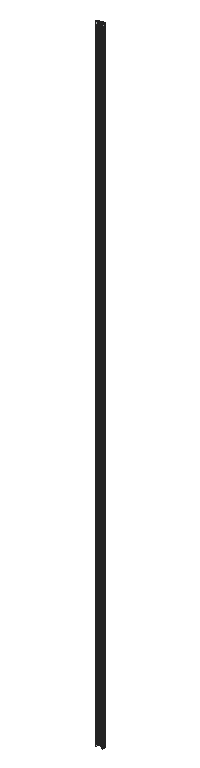
Revit family "slimcorner", category 機械設備, Revit 2022
Family settings
  丸型コネクタ寸法 = 直径を使用
  種別 = なし
  パーツ タイプ = 標準
  作業面ベース = いいえ
  常に垂直 = はい
  ロード時にボイドで切り取り = いいえ
  注釈の向きを維持 = いいえ
  共有 = いいえ
  部屋計算ポイント = いいえ
Parameters
  製造元 = "株式会社桐井製作所"
  既定の高さ = 0 mm
  URL = "https://www.kirii.co.jp/"
  K_長さ(mm) [instance] = 3000 mm
  K_外形寸法(mm) = "W38×H12×0.6"
  K_品名 = "スリムコーナー"
  K_名称 = "カビノン工法部材"
  K_バージョン情報 = "20211012"
Reference planes
  plane 1 "中心(正面/背面)": y = 0
  plane 2: z = 0
  plane 3 "中心(左/右)": x = 0
  plane 4: z = 3000
Forms (mm)
  Extrusion 1, solid
    sketch origin (0, -12, 0) x (0, 1, 0) y (-1, 0, 0)
      loop
        line (12, 5.5) -> (11.2, 7) -> (11.2, 10) -> (12, 11.5) -> (12, 17.4)
        arc (12, 17.4) -> (11.414, 18.638) -> (10.086, 18.969) r 1.6
        line (10.086, 18.969) -> (6.491, 18.249)
        arc (6.491, 18.249) -> (6, 18.2) -> (5.509, 18.249) r 2.5
        line (5.509, 18.249) -> (1.914, 18.969)
        arc (1.914, 18.969) -> (0.586, 18.638) -> (0, 17.4) r 1.6
        line (0, 17.4) -> (0, 14) -> (0.6, 13.4) -> (0.6, 17.4)
        arc (0.6, 17.4) -> (0.966, 18.174) -> (1.796, 18.381) r 1
        line (1.796, 18.381) -> (5.391, 17.661)
        arc (5.391, 17.661) -> (6, 17.6) -> (6.609, 17.661) r 3.1
        line (6.609, 17.661) -> (10.204, 18.381)
        arc (10.204, 18.381) -> (11.034, 18.174) -> (11.4, 17.4) r 1
        line (11.4, 17.4) -> (11.4, 11.65) -> (10.6, 10.15) -> (10.6, 6.85) -> (11.4, 5.35) -> (11.4, 0) -> (11.4, -5.35) -> (10.6, -6.85) -> (10.6, -10.15) -> (11.4, -11.65) -> (11.4, -17.4)
        arc (11.4, -17.4) -> (11.034, -18.173) -> (10.204, -18.38) r 1
        line (10.204, -18.38) -> (6.609, -17.66)
        arc (6.609, -17.66) -> (6, -17.6) -> (5.391, -17.66) r 3.1
        line (5.391, -17.66) -> (1.796, -18.38)
        arc (1.796, -18.38) -> (0.966, -18.173) -> (0.6, -17.4) r 1
        line (0.6, -17.4) -> (0.6, -13.4) -> (0, -14) -> (0, -17.4)
        arc (0, -17.4) -> (0.586, -18.637) -> (1.914, -18.968) r 1.6
        line (1.914, -18.968) -> (5.509, -18.248)
        arc (5.509, -18.248) -> (6, -18.2) -> (6.491, -18.248) r 2.5
        line (6.491, -18.248) -> (10.086, -18.968)
        arc (10.086, -18.968) -> (11.414, -18.637) -> (12, -17.4) r 1.6
        line (12, -17.4) -> (12, -11.5) -> (11.2, -10) -> (11.2, -7) -> (12, -5.5) -> (12, 0) -> (12, 5.5)
    from 0 to 3000
Dimensions and locks
  "K_長さ(mm)": plane 4 to plane 2
  aligned and locked: level to plane 2
  aligned and locked: plane 4 to Extrusion 1
  aligned and locked: Extrusion 1 to plane 4
Automatic sketch dimensions
  Extrusion 1 sketch curve to Extrusion 1 sketch curve = 0 mm  (x12)
  Extrusion 1 sketch curve to plane 3 "中心(左/右)" = 0 mm  (x2)
  plane 1 "中心(正面/背面)" to Extrusion 1 sketch curve = 0 mm  (x3)
  plane 1 "中心(正面/背面)" to Extrusion 1 sketch curve = 0.6 mm  (x3)
  plane 1 "中心(正面/背面)" to Extrusion 1 sketch curve = 0.8 mm  (x2)
  Extrusion 1 sketch curve to Extrusion 1 sketch curve = 0.6 mm  (x6)
  Extrusion 1 sketch curve to Extrusion 1 sketch curve = 1 mm  (x4)
  Extrusion 1 sketch curve to Extrusion 1 sketch curve = 0.196 mm  (x4)
  Extrusion 1 sketch curve to Extrusion 1 sketch curve = 0.118 mm  (x8)
  Extrusion 1 sketch curve to Extrusion 1 sketch curve = 3.595 mm  (x4)
  Extrusion 1 sketch curve to Extrusion 1 sketch curve = 0.491 mm  (x2)
  Extrusion 1 sketch curve to Extrusion 1 sketch curve = 0.982 mm  (x2)
  Extrusion 1 sketch curve to Extrusion 1 sketch curve = 5.35 mm
  Extrusion 1 sketch curve to Extrusion 1 sketch curve = 0.15 mm  (x8)
  Extrusion 1 sketch curve to Extrusion 1 sketch curve = 1.5 mm  (x4)
  Extrusion 1 sketch curve to Extrusion 1 sketch curve = 3 mm  (x2)
  Extrusion 1 sketch curve to Extrusion 1 sketch curve = 3.25 mm
  Extrusion 1 sketch curve to Extrusion 1 sketch curve = 3.4 mm  (x2)
  Extrusion 1 sketch curve to Extrusion 1 sketch curve = 5.75 mm  (x2)
  Extrusion 1 sketch curve to Extrusion 1 sketch curve = 0.72 mm  (x2)
  Extrusion 1 sketch curve to Extrusion 1 sketch curve = 0.588 mm  (x2)
  Extrusion 1 sketch curve to Extrusion 1 sketch curve = 2.451 mm  (x2)
  Extrusion 1 sketch curve to plane 3 "中心(左/右)" = 5.35 mm
  Extrusion 1 sketch curve to Extrusion 1 sketch curve = 3.85 mm
